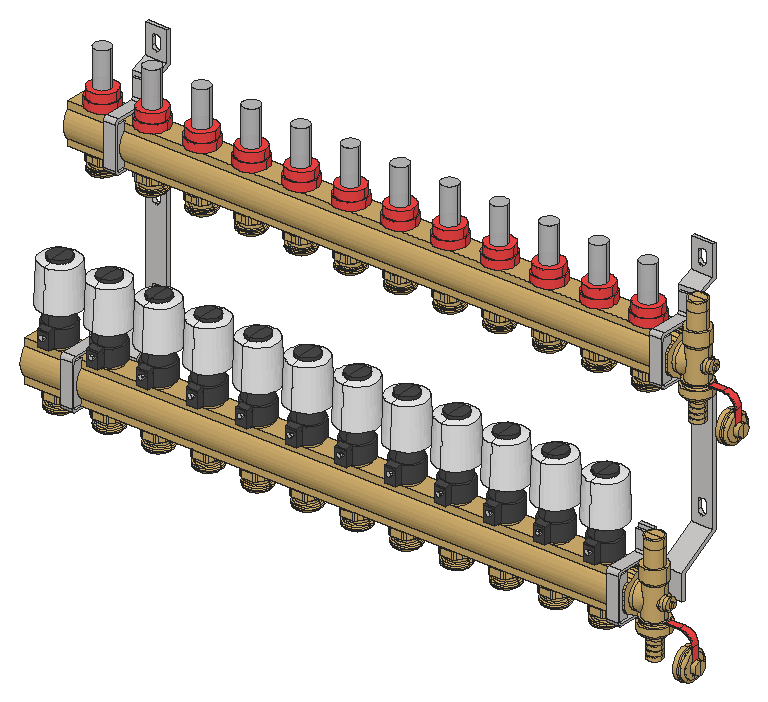
Revit family "1Manifold FHF-F_2-12_TWA-A_RFA", category Pipe Accessories, Revit 2019 (continued)
Definition of nested family "TWA-A_RFA"
  Automatic sketch dimensions
    Extrusion 3 sketch curve to plane 7 = 0 mm
    Revolve 4 sketch curve to Revolve 4 sketch curve = 0 mm
    Revolve 5 sketch curve to plane 6 = 0 mm
    Revolve 6 sketch curve to plane 4 = 0 mm
    Revolve 6 sketch curve to Revolve 6 sketch curve = 0 mm
    Revolve 4 sketch curve to Revolve 4 sketch curve = 20.25 mm
    Revolve 4 sketch curve to plane 6 = 4.907 mm
Definition of nested family "FHF-F+Actuator Symbol"
  Parameters (values of type "FHF-F+Actuator Symbol")
    z [instance] = Offset Z + 1000 mm  # 1213 mm
    y [instance] = Offset Y + 500 mm  # 523 mm
    x [instance] = Offset X + 1000 mm  # 1025 mm
    length [instance] = 600 mm
    Offset Y [instance] = 23 mm
    Offset X [instance] = 25 mm
    Number of Circuits [instance] = 11
    Offset Z [instance] = 213 mm
    L [instance] = length + 50 mm  # 650 mm
  Reference planes
    plane 1 "Center (Front/Back)": y = 0
    plane 2: z = 0
    plane 3 "Center (Left/Right)": x = 0
    plane 4: x = 650
    plane 5 "bottom manifold": y = -23
    plane 6: z = -213
    plane 7 "right bottom length": x = 625
    plane 8: x = 25
    plane 9: x = 0
    plane 10 "left bottom length": x = -25
    plane 11: x = 625
    plane 12: x = 600
    plane 13: y = 23
    plane 14: z = -263
    plane 15: x = 1000
    plane 16: z = 1000
    plane 17: y = 500
  Lines and regions (mm)
    model lines
      curve 1: line (0, 0, -20) -> (0, 0, 20)
      curve 2: line (0, 0, 20) -> (650, 0, 20)
      curve 3: line (650, 0, 20) -> (650, 0, -20)
      curve 4: line (650, 0, -20) -> (0, 0, -20)
      curve 5: line (0, -23, -233) -> (0, -23, -263)
      curve 6: line (25, 0, -20) -> (25, 0, -50)
      curve 7: line (-25, -23, -193) -> (625, -23, -193)
      curve 8: line (625, -23, -193) -> (625, -23, -233)
      curve 9: line (625, -23, -233) -> (-25, -23, -233)
      curve 10: line (-25, -23, -233) -> (-25, -23, -193)
      curve 11: line (75, 0, -20) -> (75, 0, -50)
      curve 16: line (600, -23, -193) -> (600, -23, -173)
      curve 17: line (600, -23, -233) -> (600, -23, -293)
      curve 18: line (610, -23, -293) -> (590, -23, -293)
      curve 19: line (590, -23, -293) -> (600, -23, -310.321)
      curve 20: line (610, -23, -293) -> (600, -23, -310.321)
      curve 21: line (590, -23, -173) -> (610, -23, -173)
      curve 22: line (610, -23, -173) -> (600, -23, -155.679)
      curve 23: line (590, -23, -173) -> (600, -23, -155.679)
      curve 24: line (50, -23, -233) -> (50, -23, -263)
      curve 27: line (625, 0, 20) -> (625, 0, 40)
      curve 28: line (615, 0, 40) -> (635, 0, 40)
      curve 29: line (635, 0, 40) -> (625, 0, 57.321)
      curve 30: line (615, 0, 40) -> (625, 0, 57.321)
      curve 31: line (625, 0, -20) -> (625, 0, -120)
      curve 32: line (635, 0, -120) -> (615, 0, -120)
      curve 33: line (615, 0, -120) -> (625, 0, -137.321)
      curve 34: line (635, 0, -120) -> (625, 0, -137.321)
      curve 35: line (125, 0, -20) -> (125, 0, -50)
      curve 36: line (175, 0, -20) -> (175, 0, -50)
      curve 37: line (225, 0, -20) -> (225, 0, -50)
      curve 38: line (275, 0, -20) -> (275, 0, -50)
      curve 39: line (325, 0, -20) -> (325, 0, -50)
      curve 40: line (375, 0, -20) -> (375, 0, -50)
      curve 41: line (100, -23, -233) -> (100, -23, -263)
      curve 42: line (150, -23, -233) -> (150, -23, -263)
      curve 43: line (200, -23, -233) -> (200, -23, -263)
      curve 44: line (250, -23, -233) -> (250, -23, -263)
      curve 45: line (300, -23, -233) -> (300, -23, -263)
      curve 46: line (350, -23, -233) -> (350, -23, -263)
      curve 47: line (0, -23, -193) -> (0, -23, -178)
      curve 48: line (-15, -23, -178) -> (15, -23, -178)
      curve 49: line (50, -23, -193) -> (50, -23, -178)
      curve 50: line (35, -23, -178) -> (65, -23, -178)
      curve 51: line (100, -23, -193) -> (100, -23, -178)
      curve 52: line (85, -23, -178) -> (115, -23, -178)
      curve 53: line (150, -23, -193) -> (150, -23, -178)
      curve 54: line (135, -23, -178) -> (165, -23, -178)
      curve 55: line (200, -23, -193) -> (200, -23, -178)
      curve 56: line (185, -23, -178) -> (215, -23, -178)
      curve 57: line (250, -23, -193) -> (250, -23, -178)
      curve 58: line (235, -23, -178) -> (265, -23, -178)
      curve 59: line (300, -23, -193) -> (300, -23, -178)
      curve 60: line (285, -23, -178) -> (315, -23, -178)
      curve 61: line (350, -23, -193) -> (350, -23, -178)
      curve 62: line (335, -23, -178) -> (365, -23, -178)
      curve 63: line (25, 0, 20) -> (25, 0, 40)
      curve 64: circle (25, 0, 55) r 15 normal (0, -1, 0)
      curve 65: line (17.629, 0, 63.793) -> (17.629, 0, 48.793)
      curve 66: line (17.629, 0, 63.793) -> (25, 0, 63.793)
      curve 67: line (17.629, 0, 56.293) -> (22.629, 0, 56.293)
      curve 68: line (31.483, 0, 63.793) -> (31.483, 0, 48.793)
      curve 69: line (75, 0, 20) -> (75, 0, 40)
      curve 70: circle (75, 0, 55) r 15 normal (0, -1, 0)
      curve 71: line (67.629, 0, 63.793) -> (67.629, 0, 48.793)
      curve 72: line (67.629, 0, 63.793) -> (75, 0, 63.793)
      curve 73: line (67.629, 0, 56.293) -> (72.629, 0, 56.293)
      curve 74: line (81.483, 0, 63.793) -> (81.483, 0, 48.793)
      curve 75: line (125, 0, 20) -> (125, 0, 40)
      curve 76: circle (125, 0, 55) r 15 normal (0, -1, 0)
      curve 77: line (117.629, 0, 63.793) -> (117.629, 0, 48.793)
      curve 78: line (117.629, 0, 63.793) -> (125, 0, 63.793)
      curve 79: line (117.629, 0, 56.293) -> (122.629, 0, 56.293)
      curve 80: line (131.483, 0, 63.793) -> (131.483, 0, 48.793)
      curve 81: line (175, 0, 20) -> (175, 0, 40)
      curve 82: circle (175, 0, 55) r 15 normal (0, -1, 0)
      curve 83: line (167.629, 0, 63.793) -> (167.629, 0, 48.793)
      curve 84: line (167.629, 0, 63.793) -> (175, 0, 63.793)
      curve 85: line (167.629, 0, 56.293) -> (172.629, 0, 56.293)
      curve 86: line (181.483, 0, 63.793) -> (181.483, 0, 48.793)
      curve 87: line (225, 0, 20) -> (225, 0, 40)
      curve 88: circle (225, 0, 55) r 15 normal (0, -1, 0)
      curve 89: line (217.629, 0, 63.793) -> (217.629, 0, 48.793)
      curve 90: line (217.629, 0, 63.793) -> (225, 0, 63.793)
      curve 91: line (217.629, 0, 56.293) -> (222.629, 0, 56.293)
      curve 92: line (231.483, 0, 63.793) -> (231.483, 0, 48.793)
      curve 93: line (275, 0, 20) -> (275, 0, 40)
      curve 94: circle (275, 0, 55) r 15 normal (0, -1, 0)
      curve 95: line (267.629, 0, 63.793) -> (267.629, 0, 48.793)
      curve 96: line (267.629, 0, 63.793) -> (275, 0, 63.793)
      curve 97: line (267.629, 0, 56.293) -> (272.629, 0, 56.293)
      curve 98: line (281.483, 0, 63.793) -> (281.483, 0, 48.793)
      curve 99: line (325, 0, 20) -> (325, 0, 40)
      curve 100: circle (325, 0, 55) r 15 normal (0, -1, 0)
      curve 101: line (317.629, 0, 63.793) -> (317.629, 0, 48.793)
      curve 102: line (317.629, 0, 63.793) -> (325, 0, 63.793)
      curve 103: line (317.629, 0, 56.293) -> (322.629, 0, 56.293)
      curve 104: line (331.483, 0, 63.793) -> (331.483, 0, 48.793)
      curve 105: line (375, 0, 20) -> (375, 0, 40)
      curve 106: circle (375, 0, 55) r 15 normal (0, -1, 0)
      curve 107: line (367.629, 0, 63.793) -> (367.629, 0, 48.793)
      curve 108: line (367.629, 0, 63.793) -> (375, 0, 63.793)
      curve 109: line (367.629, 0, 56.293) -> (372.629, 0, 56.293)
      curve 110: line (381.483, 0, 63.793) -> (381.483, 0, 48.793)
      curve 111: line (425, 0, -20) -> (425, 0, -50)
      curve 112: line (425, 0, 20) -> (425, 0, 40)
      curve 113: circle (425, 0, 55) r 15 normal (0, -1, 0)
      curve 114: line (417.629, 0, 63.793) -> (417.629, 0, 48.793)
      curve 115: line (417.629, 0, 63.793) -> (425, 0, 63.793)
      curve 116: line (417.629, 0, 56.293) -> (422.629, 0, 56.293)
      curve 117: line (431.483, 0, 63.793) -> (431.483, 0, 48.793)
      curve 118: line (475, 0, -20) -> (475, 0, -50)
      curve 119: line (475, 0, 20) -> (475, 0, 40)
      curve 120: circle (475, 0, 55) r 15 normal (0, -1, 0)
      curve 121: line (467.629, 0, 63.793) -> (467.629, 0, 48.793)
      curve 122: line (467.629, 0, 63.793) -> (475, 0, 63.793)
      curve 123: line (467.629, 0, 56.293) -> (472.629, 0, 56.293)
      curve 124: line (481.483, 0, 63.793) -> (481.483, 0, 48.793)
      curve 125: line (525, 0, -20) -> (525, 0, -50)
      curve 126: line (525, 0, 20) -> (525, 0, 40)
      curve 127: circle (525, 0, 55) r 15 normal (0, -1, 0)
      curve 128: line (517.629, 0, 63.793) -> (517.629, 0, 48.793)
      curve 129: line (517.629, 0, 63.793) -> (525, 0, 63.793)
      curve 130: line (517.629, 0, 56.293) -> (522.629, 0, 56.293)
      curve 131: line (531.483, 0, 63.793) -> (531.483, 0, 48.793)
      curve 132: line (400, -23, -233) -> (400, -23, -263)
      curve 133: line (400, -23, -193) -> (400, -23, -178)
      curve 134: line (385, -23, -178) -> (415, -23, -178)
      curve 135: line (450, -23, -233) -> (450, -23, -263)
      curve 136: line (450, -23, -193) -> (450, -23, -178)
      curve 137: line (435, -23, -178) -> (465, -23, -178)
      curve 138: line (500, -23, -233) -> (500, -23, -263)
      curve 139: line (500, -23, -193) -> (500, -23, -178)
      curve 140: line (485, -23, -178) -> (515, -23, -178)
      curve 141: line (-15, -23, -148) -> (15, -23, -148)
      curve 142: line (15, -23, -148) -> (15, -23, -178)
      curve 143: line (-15, -23, -148) -> (-15, -23, -178)
      curve 144: line (35, -23, -148) -> (65, -23, -148)
      curve 145: line (65, -23, -148) -> (65, -23, -178)
      curve 146: line (35, -23, -148) -> (35, -23, -178)
      curve 147: line (85, -23, -148) -> (115, -23, -148)
      curve 148: line (115, -23, -148) -> (115, -23, -178)
      curve 149: line (85, -23, -148) -> (85, -23, -178)
      curve 150: line (135, -23, -148) -> (165, -23, -148)
      curve 151: line (165, -23, -148) -> (165, -23, -178)
      curve 152: line (135, -23, -148) -> (135, -23, -178)
      curve 153: line (185, -23, -148) -> (215, -23, -148)
      curve 154: line (215, -23, -148) -> (215, -23, -178)
      curve 155: line (185, -23, -148) -> (185, -23, -178)
      curve 156: line (235, -23, -148) -> (265, -23, -148)
      curve 157: line (265, -23, -148) -> (265, -23, -178)
      curve 158: line (235, -23, -148) -> (235, -23, -178)
      curve 159: line (285, -23, -148) -> (315, -23, -148)
      curve 160: line (315, -23, -148) -> (315, -23, -178)
      curve 161: line (285, -23, -148) -> (285, -23, -178)
      curve 162: line (335, -23, -148) -> (365, -23, -148)
      curve 163: line (365, -23, -148) -> (365, -23, -178)
      curve 164: line (335, -23, -148) -> (335, -23, -178)
      curve 165: line (385, -23, -148) -> (415, -23, -148)
      curve 166: line (415, -23, -148) -> (415, -23, -178)
      curve 167: line (385, -23, -148) -> (385, -23, -178)
      curve 168: line (435, -23, -148) -> (465, -23, -148)
      curve 169: line (465, -23, -148) -> (465, -23, -178)
      curve 170: line (435, -23, -148) -> (435, -23, -178)
      curve 171: line (485, -23, -148) -> (515, -23, -148)
      curve 172: line (515, -23, -148) -> (515, -23, -178)
      curve 173: line (485, -23, -148) -> (485, -23, -178)
    symbolic lines
      curve 12: line (0, -23, 0) -> (0, 23, 0)
      curve 13: line (0, 23, 0) -> (625, 23, 0)
      curve 14: line (625, 23, 0) -> (625, -23, 0)
      curve 15: line (625, -23, 0) -> (0, -23, 0)
      curve 25: line (0, 23, 0) -> (625, -23, 0)
      curve 26: line (625, 23, 0) -> (0, -23, 0)
  Dimensions and locks
    "L": plane 4 to plane 3 "Center (Left/Right)"
    plane 1 "Center (Front/Back)" to plane 5 "bottom manifold" = 23 mm
    locked: curve 2 to level at 20
    locked: level to curve 4 at 20
    locked: plane 8 to plane 3 "Center (Left/Right)" at 25
    locked: curve 7 to plane 6 at 20
    locked: plane 6 to curve 9 at 20
    locked: plane 6 to curve 5 at 20
    locked: plane 2 to curve 6 at 20
    equal spacing: group 1, group 2, group 5, group 6, group 7, group 8, group 9, group 10, group 17, group 18, group 19  (x3)
    locked: plane 9 to plane 10 "left bottom length" at 25
    "L": plane 7 "right bottom length" to plane 10 "left bottom length"
    locked: plane 4 to plane 11 at 25
    locked: plane 7 "right bottom length" to plane 12 at 25
    locked: plane 12 to curve 23 at 10
    locked: curve 22 to plane 12 at 10
    locked: plane 12 to curve 19 at 10
    locked: curve 20 to plane 12 at 10
    equal spacing: group 3, group 4, group 11, group 12, group 13, group 14, group 15, group 16, group 20, group 21, group 22  (x2)
    equal spacing: group 22, group 21, group 20, group 16, group 15, group 14, group 13, group 12, group 11, group 4, group 3
    locked: curve 5 to curve 24 at 50
    plane 1 "Center (Front/Back)" to plane 13 = 23 mm
    locked: plane 11 to curve 30 at 10
    locked: curve 29 to plane 11 at 10
    locked: plane 11 to curve 33 at 10
    locked: curve 34 to plane 11 at 10
    locked: plane 6 to plane 14 at 50
    locked: curve 47 to plane 6 at 20
    locked: curve 48 to plane 6 at 35
    "x": plane 15 to plane 10 "left bottom length"
    "z": plane 16 to plane 6
    "y": plane 5 "bottom manifold" to plane 17
    aligned and locked: level to plane 2
    aligned and locked: curve 8 to plane 7 "right bottom length"
    aligned and locked: plane 3 "Center (Left/Right)" to curve 12
    aligned and locked: plane 12 to curve 16
    aligned and locked: plane 12 to curve 20
    aligned and locked: curve 17 to plane 12
    aligned and locked: plane 12 to curve 23
    aligned and locked: plane 10 "left bottom length" to curve 10
    aligned and locked: plane 5 "bottom manifold" to curve 5
    aligned and locked: curve 15 to plane 5 "bottom manifold"
    aligned and locked: curve 13 to plane 13
    aligned and locked: curve 14 to plane 7 "right bottom length"
    aligned and locked: plane 11 to curve 27
    aligned and locked: curve 31 to plane 11
    aligned and locked: plane 5 "bottom manifold" to curve 24
    aligned and locked: plane 14 to curve 24
    aligned and locked: plane 9 to curve 47
  Automatic sketch dimensions
    curve 6 to curve 6 = 30 mm
    curve 11 to curve 11 = 30 mm
    curve 5 to curve 5 = 30 mm  (x2)
    curve 24 to curve 24 = 30 mm
    curve 20 to curve 17 = 60 mm
    curve 20 to curve 17 = 17.321 mm
    curve 16 to curve 21 = 20 mm
    curve 16 to curve 23 = 17.321 mm
    curve 35 to curve 35 = 30 mm
    curve 36 to curve 36 = 30 mm
    curve 37 to curve 37 = 30 mm
    curve 38 to curve 38 = 30 mm
    curve 39 to curve 39 = 30 mm
    curve 40 to curve 40 = 30 mm
    curve 41 to curve 41 = 30 mm
    curve 42 to curve 42 = 30 mm
    curve 43 to curve 43 = 30 mm
    curve 44 to curve 44 = 30 mm
    curve 45 to curve 45 = 30 mm
    curve 46 to curve 46 = 30 mm
    curve 1 to plane 3 "Center (Left/Right)" = 0 mm
    plane 11 to curve 34 = 0 mm
    curve 29 to plane 11 = 0 mm
    curve 2 to plane 4 = 0 mm
    curve 32 to curve 31 = 100 mm
    curve 27 to curve 28 = 20 mm
    curve 27 to curve 29 = 17.321 mm
    curve 34 to curve 31 = 17.321 mm
    curve 67 to curve 64 = 7.371 mm
    curve 64 to curve 66 = 8.793 mm
    curve 67 to curve 64 = 2.371 mm
    curve 65 to curve 66 = 7.371 mm
    curve 65 to curve 63 = 7.371 mm
    curve 64 to curve 68 = 6.483 mm
    curve 65 to curve 64 = 6.207 mm
    curve 68 to curve 64 = 6.207 mm
    curve 63 to curve 68 = 8.793 mm
    curve 63 to curve 63 = 20 mm
    curve 64 to curve 67 = 1.293 mm
    curve 68 to curve 66 = 0 mm
    curve 73 to curve 70 = 7.371 mm
    curve 70 to curve 72 = 8.793 mm
    curve 73 to curve 70 = 2.371 mm
    curve 71 to curve 72 = 7.371 mm
    curve 71 to curve 69 = 7.371 mm
    curve 70 to curve 74 = 6.483 mm
    curve 71 to curve 70 = 6.207 mm
    curve 74 to curve 70 = 6.207 mm
    curve 69 to curve 74 = 8.793 mm
    curve 69 to curve 69 = 20 mm
    curve 70 to curve 73 = 1.293 mm
    curve 74 to curve 72 = 0 mm
    curve 79 to curve 76 = 7.371 mm
    curve 76 to curve 78 = 8.793 mm
    curve 79 to curve 76 = 2.371 mm
    curve 77 to curve 78 = 7.371 mm
    curve 77 to curve 75 = 7.371 mm
    curve 76 to curve 80 = 6.483 mm
    curve 77 to curve 76 = 6.207 mm
    curve 80 to curve 76 = 6.207 mm
    curve 75 to curve 80 = 8.793 mm
    curve 75 to curve 75 = 20 mm
    curve 76 to curve 79 = 1.293 mm
    curve 80 to curve 78 = 0 mm
    curve 85 to curve 82 = 7.371 mm
    curve 82 to curve 84 = 8.793 mm
    curve 85 to curve 82 = 2.371 mm
    curve 83 to curve 84 = 7.371 mm
    curve 83 to curve 81 = 7.371 mm
    curve 82 to curve 86 = 6.483 mm
    curve 83 to curve 82 = 6.207 mm
    curve 86 to curve 82 = 6.207 mm
    curve 81 to curve 86 = 8.793 mm
    curve 81 to curve 81 = 20 mm
    curve 82 to curve 85 = 1.293 mm
    curve 86 to curve 84 = 0 mm
    curve 91 to curve 88 = 7.371 mm
    curve 88 to curve 90 = 8.793 mm
    curve 91 to curve 88 = 2.371 mm
    curve 89 to curve 90 = 7.371 mm
    curve 89 to curve 87 = 7.371 mm
    curve 88 to curve 92 = 6.483 mm
    curve 89 to curve 88 = 6.207 mm
    curve 92 to curve 88 = 6.207 mm
    curve 87 to curve 92 = 8.793 mm
    curve 87 to curve 87 = 20 mm
    curve 88 to curve 91 = 1.293 mm
    curve 92 to curve 90 = 0 mm
    curve 97 to curve 94 = 7.371 mm
    curve 94 to curve 96 = 8.793 mm
    curve 97 to curve 94 = 2.371 mm
    curve 95 to curve 96 = 7.371 mm
    curve 95 to curve 93 = 7.371 mm
    curve 94 to curve 98 = 6.483 mm
    curve 95 to curve 94 = 6.207 mm
    curve 98 to curve 94 = 6.207 mm
    curve 93 to curve 98 = 8.793 mm
    curve 93 to curve 93 = 20 mm
    curve 94 to curve 97 = 1.293 mm
    curve 98 to curve 96 = 0 mm
    curve 103 to curve 100 = 7.371 mm
    curve 100 to curve 102 = 8.793 mm
    curve 103 to curve 100 = 2.371 mm
    curve 101 to curve 102 = 7.371 mm
    curve 101 to curve 99 = 7.371 mm
    curve 100 to curve 104 = 6.483 mm
    curve 101 to curve 100 = 6.207 mm
    curve 104 to curve 100 = 6.207 mm
    curve 99 to curve 104 = 8.793 mm
    curve 99 to curve 99 = 20 mm
    curve 100 to curve 103 = 1.293 mm
    curve 104 to curve 102 = 0 mm
    curve 109 to curve 106 = 7.371 mm
    curve 106 to curve 108 = 8.793 mm
    curve 109 to curve 106 = 2.371 mm
    curve 107 to curve 108 = 7.371 mm
    curve 107 to curve 105 = 7.371 mm
    curve 106 to curve 110 = 6.483 mm
    curve 107 to curve 106 = 6.207 mm
    curve 110 to curve 106 = 6.207 mm
    curve 105 to curve 110 = 8.793 mm
    curve 105 to curve 105 = 20 mm
    curve 106 to curve 109 = 1.293 mm
    curve 110 to curve 108 = 0 mm
    curve 111 to curve 111 = 30 mm
    curve 116 to curve 113 = 7.371 mm
    curve 113 to curve 115 = 8.793 mm
    curve 116 to curve 113 = 2.371 mm
    curve 114 to curve 115 = 7.371 mm
    curve 114 to curve 112 = 7.371 mm
    curve 113 to curve 117 = 6.483 mm
    curve 114 to curve 113 = 6.207 mm
    curve 117 to curve 113 = 6.207 mm
    curve 112 to curve 117 = 8.793 mm
    curve 112 to curve 112 = 20 mm
    curve 113 to curve 116 = 1.293 mm
    curve 117 to curve 115 = 0 mm
    curve 118 to curve 118 = 30 mm
    curve 123 to curve 120 = 7.371 mm
    curve 120 to curve 122 = 8.793 mm
    curve 123 to curve 120 = 2.371 mm
    curve 121 to curve 122 = 7.371 mm
    curve 121 to curve 119 = 7.371 mm
    curve 120 to curve 124 = 6.483 mm
    curve 121 to curve 120 = 6.207 mm
    curve 124 to curve 120 = 6.207 mm
    curve 119 to curve 124 = 8.793 mm
    curve 119 to curve 119 = 20 mm
    curve 120 to curve 123 = 1.293 mm
    curve 124 to curve 122 = 0 mm
    curve 125 to curve 125 = 30 mm
    curve 130 to curve 127 = 7.371 mm
    curve 127 to curve 129 = 8.793 mm
    curve 130 to curve 127 = 2.371 mm
    curve 128 to curve 129 = 7.371 mm
    curve 128 to curve 126 = 7.371 mm
    curve 127 to curve 131 = 6.483 mm
    curve 128 to curve 127 = 6.207 mm
    curve 131 to curve 127 = 6.207 mm
    curve 126 to curve 131 = 8.793 mm
    curve 126 to curve 126 = 20 mm
    curve 127 to curve 130 = 1.293 mm
    curve 131 to curve 129 = 0 mm
    curve 132 to curve 132 = 30 mm
    curve 135 to curve 135 = 30 mm
    curve 138 to curve 138 = 30 mm
    curve 47 to curve 48 = 15 mm  (x2)
    curve 48 to curve 141 = 30 mm
    curve 141 to curve 48 = 0 mm
    curve 48 to curve 47 = 15 mm
    curve 141 to curve 141 = 30 mm
    curve 143 to curve 142 = 0 mm
    curve 143 to curve 143 = 30 mm
    curve 142 to curve 143 = 0 mm
    curve 142 to curve 143 = 30 mm
    curve 49 to curve 50 = 15 mm  (x2)
    curve 50 to curve 144 = 30 mm
    curve 144 to curve 50 = 0 mm
    curve 50 to curve 49 = 15 mm
    curve 144 to curve 144 = 30 mm
    curve 146 to curve 145 = 0 mm
    curve 146 to curve 146 = 30 mm
    curve 145 to curve 146 = 0 mm
    curve 145 to curve 146 = 30 mm
    curve 51 to curve 52 = 15 mm  (x2)
    curve 52 to curve 147 = 30 mm
    curve 147 to curve 52 = 0 mm
    curve 52 to curve 51 = 15 mm
    curve 147 to curve 147 = 30 mm
    curve 149 to curve 148 = 0 mm
    curve 149 to curve 149 = 30 mm
    curve 148 to curve 149 = 0 mm
    curve 148 to curve 149 = 30 mm
    curve 53 to curve 54 = 15 mm  (x2)
    curve 54 to curve 150 = 30 mm
    curve 150 to curve 54 = 0 mm
    curve 54 to curve 53 = 15 mm
    curve 150 to curve 150 = 30 mm
    curve 152 to curve 151 = 0 mm
    curve 152 to curve 152 = 30 mm
    curve 151 to curve 152 = 0 mm
    curve 151 to curve 152 = 30 mm
    curve 55 to curve 56 = 15 mm  (x2)
    curve 56 to curve 153 = 30 mm
    curve 153 to curve 56 = 0 mm
    curve 56 to curve 55 = 15 mm
    curve 153 to curve 153 = 30 mm
    curve 155 to curve 154 = 0 mm
    curve 155 to curve 155 = 30 mm
    curve 154 to curve 155 = 0 mm
    curve 154 to curve 155 = 30 mm
    curve 57 to curve 58 = 15 mm  (x2)
    curve 58 to curve 156 = 30 mm
    curve 156 to curve 58 = 0 mm
    curve 58 to curve 57 = 15 mm
    curve 156 to curve 156 = 30 mm
    curve 158 to curve 157 = 0 mm
    curve 158 to curve 158 = 30 mm
    curve 157 to curve 158 = 0 mm
    curve 157 to curve 158 = 30 mm
    curve 59 to curve 60 = 15 mm  (x2)
    curve 60 to curve 159 = 30 mm
    curve 159 to curve 60 = 0 mm
    curve 60 to curve 59 = 15 mm
    curve 159 to curve 159 = 30 mm
    curve 161 to curve 160 = 0 mm
    curve 161 to curve 161 = 30 mm
    curve 160 to curve 161 = 0 mm
    curve 160 to curve 161 = 30 mm
    curve 61 to curve 62 = 15 mm  (x2)
    curve 62 to curve 162 = 30 mm
    curve 162 to curve 62 = 0 mm
    curve 62 to curve 61 = 15 mm
    curve 162 to curve 162 = 30 mm
    curve 164 to curve 163 = 0 mm
    curve 164 to curve 164 = 30 mm
    curve 163 to curve 164 = 0 mm
    curve 163 to curve 164 = 30 mm
    curve 133 to curve 134 = 15 mm  (x2)
    curve 134 to curve 165 = 30 mm
    curve 165 to curve 134 = 0 mm
    curve 134 to curve 133 = 15 mm
    curve 165 to curve 165 = 30 mm
    curve 167 to curve 166 = 0 mm
    curve 167 to curve 167 = 30 mm
    curve 166 to curve 167 = 0 mm
    curve 166 to curve 167 = 30 mm
    curve 136 to curve 137 = 15 mm  (x2)
    curve 137 to curve 168 = 30 mm
    curve 168 to curve 137 = 0 mm
    curve 137 to curve 136 = 15 mm
    curve 168 to curve 168 = 30 mm
    curve 170 to curve 169 = 0 mm
    curve 170 to curve 170 = 30 mm
    curve 169 to curve 170 = 0 mm
    curve 169 to curve 170 = 30 mm
    curve 139 to curve 140 = 15 mm  (x2)
    curve 140 to curve 171 = 30 mm
    curve 171 to curve 140 = 0 mm
    curve 140 to curve 139 = 15 mm
    curve 171 to curve 171 = 30 mm
    curve 173 to curve 172 = 0 mm
    curve 173 to curve 173 = 30 mm
    curve 172 to curve 173 = 0 mm
    curve 172 to curve 173 = 30 mm
Types (11, lengths in mm): name | Power | Number of Circuits | Model Type | Model | Length | L1 | L bracket | L
  Manifold FHF-F_2+2_088U0522 | 4 VA | 2 | "Manifold FHF-F_2+2" | "088U0522" | 100 | 111 | 50 | 170
  Manifold FHF-F_12+12_088U0532 | 24 VA | 12 | "Manifold FHF-F_12+12" | "088U0532" | 600 | 611 | 550 | 670
  Manifold FHF-F_3+3_088U0523 | 6 VA | 3 | "Manifold FHF-F_3+3" | "088U0523" | 150 | 161 | 100 | 220
  Manifold FHF-F_4+4_088U0524 | 8 VA | 4 | "Manifold FHF-F_4+4" | "088U0524" | 200 | 211 | 150 | 270
  Manifold FHF-F_5+5_088U0525 | 10 VA | 5 | "Manifold FHF-F_5+5" | "088U0525" | 250 | 261 | 200 | 320
  Manifold FHF-F_6+6_088U0526 | 12 VA | 6 | "Manifold FHF-F_6+6" | "088U0526" | 300 | 311 | 250 | 370
  Manifold FHF-F_7+7_088U0527 | 14 VA | 7 | "Manifold FHF-F_7+7" | "088U0527" | 350 | 361 | 300 | 420
  Manifold FHF-F_8+8_088U0528 | 16 VA | 8 | "Manifold FHF-F_8+8" | "088U0528" | 400 | 411 | 350 | 470
  Manifold FHF-F_9+9_088U0529 | 18 VA | 9 | "Manifold FHF-F_9+9" | "088U0529" | 450 | 461 | 400 | 520
  Manifold FHF-F_10+10_088U0530 | 20 VA | 10 | "Manifold FHF-F_10+10" | "088U0530" | 500 | 511 | 450 | 570
  Manifold FHF-F_11+11_088U0531 | 22 VA | 11 | "Manifold FHF-F_11+11" | "088U0531" | 550 | 561 | 500 | 620
